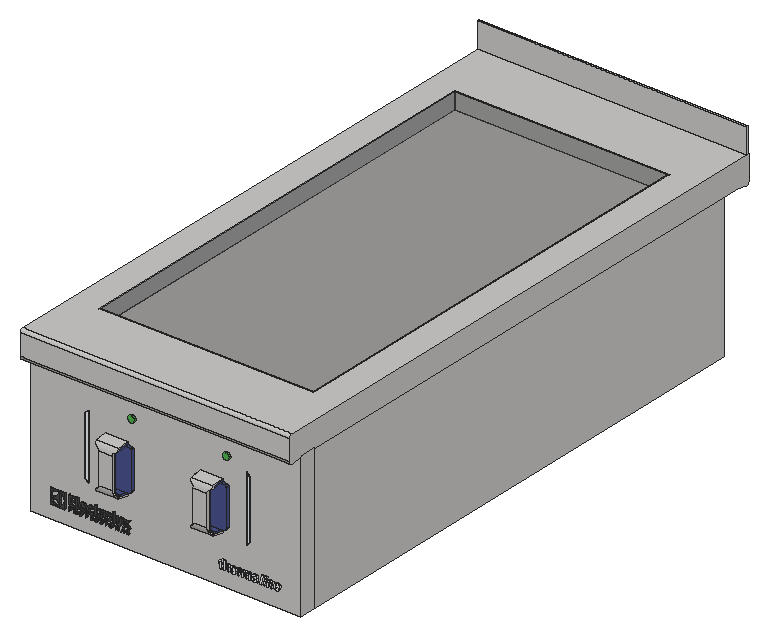
Revit family "QF_ELECTROLUXPROFESSIONAL_588508_MBIBBBDOAO", category Attrezzature speciali, Revit 2020
Family settings
  Quota connettore circolare = Usa diametro
  Tipo di parte = Normale
  Basato su piano di lavoro = No
  Sempre verticale = Sì
  Taglio con vuoti quando caricato = No
  Condiviso = No
  Punto di calcolo locali = No
Parameters (values of type "Standard")
  Weight = 24.00 kg
  Watts = 10000 W
  Volts = 400 V
  URL Manufacturer = "https://www.electroluxprofessional.com/"
  URL = "https://www.electroluxprofessional.com/"
  Steam Supply Size = 0"
  Steam Supply Minimum Pressure = 0.00 psi
  Steam Supply Maximum Pressure = 0.00 psi
  Steam Consumption per Hour = 0
  Refrigeration Suction Line Size = 0 mm
  Refrigeration Liquid Line Size = 0 mm
  Refrigerant Compressor Remote = yes
  Prospetto di default = 0 mm
  Phase = 3
  Modello = "MBIBBBDOAO"
  Produttore = "Electrolux Professional"
  Length Actual = 400 mm  # constant formula
  Item Number = "588508"
  Hot Water Size = 0"
  Height Actual = 250 mm  # constant formula
  HP = "13.4 HP"
  Gas Size = 0"
  Gas KW = 0
  Gas Input Pressure = 0.0 Btu/h
  Direct Waste Size = 0"
  Descrizione = "INDUCTION TOP,2 ZONE,1S,BSPL,400X850X250"
  Depth Actual = 850 mm  # constant formula
  Cycle = 50 Hz
  Condensate Return Size = 0"
  Compressed Air Volume = 0 GPM
  Compressed Air Size = 0"
  Compressed Air Pressure = 0.00 psi
  Cold Water Size = 0"
  Accessory = yes
Reference planes
  plane 1 "BACK": y = 0
  plane 2: z = 0
  plane 3 "LEFT": x = 0
  plane 4 "RIGHT": x = 400
  plane 5 "FRONT": y = -850
  plane 6 "TOP": z = 900
  plane 7 "Center (Left/Right)": x = 200
  plane 8: y = -425
  plane 9: y = -150
  plane 10: x = 40
  plane 11: x = 360
  plane 12: y = -95
  plane 13: y = -755
  plane 14 "EIx": x = 355
  plane 15 "EIy": y = -635
  plane 16: z = 938
  plane 17 "BaseTop": z = 650
  plane 18: y = -805
Forms (mm)
  Extrusion 1, solid, material "QF_Finishes_Stainless Steel"
    sketch origin (-178.969, -4572, 100) x (-1, 0, 0) y (0, -1, 0)
      loop
        line (-178.969, -4527) -> (-178.969, -3767) -> (-578.969, -3767) -> (-578.969, -4527) -> (-178.969, -4527)
    from 550 to 762.969
  Extrusion 2, solid, material "QF_Finishes_Stainless Steel"
    sketch origin (0, 0, 650) x (-1, 0, 0) y (0, -1, 0)
      loop
        circle (-355, 635) r 6.35
    from 0 to -11.851
  Extrusion 3, solid, material "QF_Finishes_Stainless Steel"
    sketch origin (200, 296.4, 1219.2) x (0, 1, 0) y (0, 0, 1)
      loop
        line (-296.4, -319.2) -> (-1141.4, -319.2)
        arc (-1141.4, -319.2) -> (-1144.935, -320.664) -> (-1146.4, -324.2) r 5
        line (-1146.4, -324.2) -> (-1146.4, -355.2)
        arc (-1146.4, -355.2) -> (-1144.971, -358.264) -> (-1141.705, -359.139) r 4
        line (-1141.705, -359.139) -> (-1126.4, -356.231) -> (-316.4, -356.231) -> (-301.094, -359.139)
        arc (-301.094, -359.139) -> (-297.829, -358.264) -> (-296.4, -355.2) r 4
        line (-296.4, -355.2) -> (-296.4, -319.2)
    from -200 to 200
  Extrusion 4, void
    sketch origin (0, 0, 900) x (-1, 0, 0) y (0, -1, 0)
      loop
        line (-40, 755) -> (-360, 755) -> (-360, 95) -> (-40, 95) -> (-40, 755)
    from 0 to -25
  Extrusion 5, solid, material "QF_Finishes_Stainless Steel"
    sketch origin (200, 296.4, 1219.2) x (0, 1, 0) y (0, 0, 1)
      loop
        line (-296.4, -319.2) -> (-296.4, -281.2) -> (-298.4, -281.2) -> (-298.4, -319.2) -> (-296.4, -319.2)
    from 200 to -200
  Extrusion 6, solid, material "QF_Finishes_Electrolux_Black Smoke Iluminated"
    sketch origin (0, 0, 900) x (-1, 0, 0) y (0, -1, 0)
      loop
        line (-42, 97) -> (-42, 753) -> (-358, 753) -> (-358, 97) -> (-42, 97)
    from 0 to -25
Cuts and joins
  Extrusion 4 cuts Extrusion 3
Lines and regions (mm)
  symbolic lines
    curve 1: line (0, 0, 100) -> (400, 0, 100)
    curve 2: line (0, -850, 100) -> (0, 0, 100)
    curve 3: line (400, -850, 100) -> (0, -850, 100)
    curve 4: line (400, 0, 100) -> (400, -850, 100)
    curve 5: line (40, -755, 0) -> (360, -755, 0)
    curve 6: line (360, -755, 0) -> (360, -95, 0)
    curve 7: line (360, -95, 0) -> (40, -95, 0)
    curve 8: line (40, -95, 0) -> (40, -755, 0)
    curve 9: line (0, -2, 0) -> (400, -2, 0)
  model lines
    curve 10: line (49.879, -123.089, 900) -> (71.092, -101.876, 900)
    curve 11: line (71.092, -101.876, 900) -> (328.908, -101.876, 900)
    curve 12: line (81.557, -136.465, 900) -> (62.022, -156, 900)
    curve 13: line (62.022, -156, 900) -> (62.022, -391, 900)
    curve 14: line (62.022, -391, 900) -> (81.394, -410.372, 900)
    curve 15: line (318.443, -136.465, 900) -> (337.978, -156, 900)
    curve 16: line (337.978, -156, 900) -> (337.978, -391, 900)
    curve 17: line (337.978, -391, 900) -> (318.606, -410.372, 900)
    curve 18: line (350.121, -123.089, 900) -> (328.908, -101.876, 900)
    curve 19: line (49.879, -726.911, 900) -> (71.092, -748.124, 900)
    curve 20: line (71.092, -748.124, 900) -> (328.908, -748.124, 900)
    curve 21: line (81.557, -713.535, 900) -> (62.022, -694, 900)
    curve 22: line (62.022, -694, 900) -> (62.022, -459, 900)
    curve 23: line (62.022, -459, 900) -> (81.394, -439.628, 900)
    curve 24: line (318.443, -713.535, 900) -> (337.978, -694, 900)
    curve 25: line (337.978, -694, 900) -> (337.978, -459, 900)
    curve 26: line (337.978, -459, 900) -> (318.606, -439.628, 900)
    curve 27: line (350.121, -726.911, 900) -> (328.908, -748.124, 900)
    curve 28: line (200, -245.016, 900) -> (200, -301.584, 900)
    curve 29: line (171.716, -273.3, 900) -> (228.284, -273.3, 900)
    curve 30: line (200, -548.416, 900) -> (200, -604.984, 900)
    curve 31: line (171.716, -576.7, 900) -> (228.284, -576.7, 900)
Dimensions and locks
  locked: plane 3 "LEFT" to plane 4 "RIGHT" at 400
  locked: plane 5 "FRONT" to plane 1 "BACK" at 850
  equal spacing: plane 3 "LEFT", plane 7 "Center (Left/Right)", plane 4 "RIGHT"
  equal spacing: plane 5 "FRONT", plane 8, plane 1 "BACK"
  plane 6 "TOP" to level = 900 mm  (x2)
  plane 1 "BACK" to plane 9 = 150 mm
  plane 1 "BACK" to Extrusion 2 = 635 mm
  locked: plane 14 "EIx" to plane 4 "RIGHT" at 45
  locked: plane 15 "EIy" to plane 1 "BACK" at 635
  plane 16 to plane 6 "TOP" = 38 mm
  plane 12 to plane 1 "BACK" = 95 mm
  plane 5 "FRONT" to plane 13 = 95 mm
  plane 3 "LEFT" to plane 10 = 40 mm
  plane 11 to plane 4 "RIGHT" = 40 mm
  locked: plane 6 "TOP" to plane 17 "BaseTop" at 250
  locked: plane 18 to plane 5 "FRONT" at 45
  aligned and locked: level to plane 2
  aligned and locked: cut or joined group of Extrusion 3, Extrusion 4 to plane 3 "LEFT"
  aligned and locked: cut or joined group of Extrusion 3, Extrusion 4 to plane 4 "RIGHT"
  aligned and locked: Extrusion 4 sketch curve to plane 10
  aligned and locked: plane 12 to Extrusion 4 sketch curve
  aligned and locked: plane 11 to Extrusion 4 sketch curve
  aligned and locked: Extrusion 4 sketch curve to plane 13
  aligned and locked: nested 1 to plane 18
  aligned and locked: Extrusion 1 to plane 18
  aligned and locked: Extrusion 5 to plane 3 "LEFT"
  aligned and locked: Extrusion 5 to plane 4 "RIGHT"
  aligned and locked: plane 3 "LEFT" to nested 1
Automatic sketch dimensions
  Extrusion 2 sketch curve to plane 14 "EIx" = 0 mm
  Extrusion 2 sketch curve to plane 15 "EIy" = 0 mm
  Extrusion 5 sketch curve to plane 6 "TOP" = 0 mm
  Extrusion 5 sketch curve to plane 16 = 0 mm
  Extrusion 5 sketch curve to plane 1 "BACK" = 0 mm
  Extrusion 5 sketch curve to Extrusion 5 sketch curve = 2 mm
  Extrusion 3 sketch curve to plane 5 "FRONT" = 0 mm
  Extrusion 3 sketch curve to plane 6 "TOP" = 0 mm
  Extrusion 3 sketch curve to plane 1 "BACK" = 0 mm
  Extrusion 3 sketch curve to Extrusion 3 sketch curve = 4 mm
  Extrusion 3 sketch curve to Extrusion 3 sketch curve = 0.695 mm
  Extrusion 3 sketch curve to plane 5 "FRONT" = 5 mm
  Extrusion 3 sketch curve to Extrusion 3 sketch curve = 15.305 mm
  plane 1 "BACK" to Extrusion 3 sketch curve = 20 mm
  plane 1 "BACK" to Extrusion 3 sketch curve = 4.695 mm
  plane 1 "BACK" to Extrusion 3 sketch curve = 4 mm
  Extrusion 3 sketch curve to Extrusion 3 sketch curve = 31 mm
  Extrusion 3 sketch curve to Extrusion 3 sketch curve = 36 mm
  Extrusion 3 sketch curve to Extrusion 3 sketch curve = 2.909 mm
  curve 9 to plane 3 "LEFT" = 0 mm
  curve 5 to plane 10 = 0 mm
  curve 6 to plane 11 = 0 mm
  curve 9 to plane 4 "RIGHT" = 0 mm
  plane 13 to curve 5 = 0 mm
  plane 12 to curve 7 = 0 mm
  plane 1 "BACK" to curve 9 = 2 mm
  Extrusion 1 sketch curve to plane 4 "RIGHT" = 0 mm
  Extrusion 1 sketch curve to plane 3 "LEFT" = 0 mm
  Extrusion 1 sketch curve to plane 18 = 0 mm
  plane 1 "BACK" to Extrusion 1 sketch curve = 45 mm
  plane 1 "BACK" to curve 1 = 0 mm
  curve 1 to plane 4 "RIGHT" = 0 mm
  curve 3 to plane 3 "LEFT" = 0 mm
  plane 5 "FRONT" to curve 3 = 0 mm
  plane 11 to Extrusion 6 sketch curve = 2 mm
  Extrusion 6 sketch curve to plane 10 = 2 mm
  plane 12 to Extrusion 6 sketch curve = 2 mm
  Extrusion 6 sketch curve to plane 13 = 2 mm
  curve 30 to plane 7 "Center (Left/Right)" = 0 mm
  curve 27 to plane 13 = 6.876 mm
  plane 14 "EIx" to curve 27 = 26.092 mm
  plane 12 to curve 11 = 6.876 mm
  plane 14 "EIx" to curve 11 = 26.092 mm
  plane 14 "EIx" to curve 17 = 17.022 mm
  plane 14 "EIx" to curve 24 = 17.022 mm
  curve 10 to plane 10 = 31.092 mm
  curve 19 to plane 10 = 31.092 mm
  curve 21 to plane 10 = 22.022 mm
  curve 14 to plane 10 = 22.022 mm
  curve 13 to plane 9 = 6 mm
  curve 16 to plane 9 = 6 mm
  plane 8 to curve 14 = 34 mm
  plane 8 to curve 16 = 34 mm
  curve 22 to plane 8 = 34 mm
  curve 25 to plane 8 = 34 mm
  curve 24 to curve 20 = 54.124 mm
  curve 21 to curve 19 = 54.124 mm
  plane 9 to curve 15 = 13.535 mm
  curve 15 to curve 15 = 19.535 mm
  curve 24 to curve 24 = 19.535 mm  (x2)
  curve 26 to plane 8 = 14.628 mm
  curve 25 to curve 26 = 19.372 mm
  plane 8 to curve 17 = 14.628 mm
  curve 16 to curve 17 = 19.372 mm
  plane 14 "EIx" to curve 27 = 4.879 mm
  plane 14 "EIx" to curve 18 = 4.879 mm
  curve 21 to curve 21 = 19.535 mm  (x2)
  plane 9 to curve 12 = 13.535 mm
  curve 12 to curve 12 = 19.535 mm
  curve 23 to plane 8 = 14.628 mm
  curve 23 to curve 22 = 19.372 mm
  plane 8 to curve 14 = 14.628 mm
  curve 14 to curve 13 = 19.372 mm
  curve 10 to plane 10 = 9.879 mm
  curve 19 to plane 10 = 9.879 mm
  plane 9 to curve 18 = 26.911 mm
  plane 9 to curve 10 = 26.911 mm
  curve 27 to plane 13 = 28.089 mm
  curve 19 to plane 13 = 28.089 mm
  curve 29 to plane 7 "Center (Left/Right)" = 28.284 mm
  curve 28 to plane 9 = 95.016 mm
  curve 28 to curve 29 = 28.284 mm
  curve 28 to plane 7 "Center (Left/Right)" = 0 mm
  plane 7 "Center (Left/Right)" to curve 29 = 28.284 mm
  curve 29 to curve 28 = 28.284 mm
  plane 15 "EIy" to curve 30 = 86.584 mm
  curve 31 to plane 7 "Center (Left/Right)" = 28.284 mm
  plane 7 "Center (Left/Right)" to curve 31 = 28.284 mm
  curve 30 to curve 31 = 28.284 mm
  plane 15 "EIy" to curve 30 = 30.016 mm
  radius of Extrusion 2 sketch curve = 6.35 mm
Nested families
  nested 1: "Front_Panel_W400_2 Knobs_Spie" at (52.376, -805, 0), type "Front_Panel_W400_2 Knobs_Spie"
Connectors
  electrical at (355, -635, 638.149)
    settings: on Extrusion 2, index 1, voltage 400 V, apparent load 33000 VA, apparent load phase1 0 VA, apparent load phase2 0 VA, apparent load phase3 0 VA, power factor 1, load classification "Other", number of poles 1, system type 30, power factor state 1, is connector primary yes, connector utility no, sub classification motor no, connector description "ELECTRICAL CONNECTION"
Definition of nested family "Front_Panel_W400_2 Knobs_Spie"
  Parameters
    Default Elevation = 0 mm
  Reference planes
    plane 1 "Center (Front/Back)": y = 0
    plane 2: z = 0
    plane 3 "Center (Left/Right)": x = 147.624
    plane 4 "Left": x = -52.376
    plane 5 "Right": x = 347.624
    plane 6: y = -45
    plane 7 "Panel": y = -25
  Forms (mm)
    Extrusion 1, solid
      sketch origin (833.217, 829.203, -1.25) x (0, 1, 0) y (0, 0, 1)
        loop
          line (-854.203, 651.25) -> (-829.203, 651.25) -> (-829.203, 864.25) -> (-854.203, 864.25) -> (-854.203, 651.25)
      from -885.593 to -485.593
    Extrusion 2, void
      sketch origin (0, -25, -10) x (0, 0, 1) y (-1, 0, 0)
        loop
          line (731.866, -27.624) -> (726.866, -32.624) -> (823.866, -32.624) -> (818.866, -27.624) -> (731.866, -27.624)
        loop
          line (731.866, -272.624) -> (818.866, -272.624) -> (823.866, -267.624) -> (726.866, -267.624) -> (731.866, -272.624)
      from 0 to -2
    Extrusion 3, solid
      sketch origin (110, -25, 1.163) x (0, 0, 1) y (-1, 0, 0)
        loop
          circle (824.337, 12.376) r 5
      from 0 to 1.7
    Extrusion 4, solid
      sketch origin (0, -25, -10) x (0, 0, 1) y (-1, 0, 0)
        loop
          line (731.866, -27.624) -> (726.866, -32.624) -> (823.866, -32.624) -> (818.866, -27.624) -> (731.866, -27.624)
        loop
          line (726.866, -267.624) -> (731.866, -272.624) -> (818.866, -272.624) -> (823.866, -267.624) -> (726.866, -267.624)
      from 0 to -2
    Extrusion 5, solid
      sketch origin (250.724, -25, 1.163) x (0, 0, 1) y (-1, 0, 0)
        loop
          circle (824.337, 12.376) r 5
      from 0 to 1.7
  Cuts and joins
    Extrusion 2 cuts Extrusion 1
  Dimensions and locks
    equal spacing: plane 5 "Right", plane 3 "Center (Left/Right)", plane 4 "Left"
    plane 5 "Right" to plane 4 "Left" = 400 mm
    aligned and locked: cut or joined group of Extrusion 1, Extrusion 2 to plane 4 "Left"
    aligned and locked: plane 5 "Right" to cut or joined group of Extrusion 1, Extrusion 2
  Automatic sketch dimensions
    Extrusion 1 sketch curve to plane 7 "Panel" = 0 mm
    Extrusion 1 sketch curve to plane 1 "Center (Front/Back)" = 0 mm
    Extrusion 2 sketch curve to Extrusion 2 sketch curve = 5 mm  (x6)
    Extrusion 2 sketch curve to plane 5 "Right" = 75 mm
    plane 4 "Left" to Extrusion 2 sketch curve = 85 mm
    Extrusion 3 sketch curve to plane 3 "Center (Left/Right)" = 50 mm
    Extrusion 4 sketch curve to Extrusion 4 sketch curve = 5 mm  (x6)
    Extrusion 4 sketch curve to plane 5 "Right" = 75 mm
    plane 4 "Left" to Extrusion 4 sketch curve = 85 mm
    plane 3 "Center (Left/Right)" to Extrusion 5 sketch curve = 90.724 mm
    level to Extrusion 1 sketch curve = 650 mm
    Extrusion 1 sketch curve to Extrusion 1 sketch curve = 213 mm
    level to Extrusion 2 sketch curve = 716.866 mm
    Extrusion 2 sketch curve to Extrusion 2 sketch curve = 0 mm
    Extrusion 2 sketch curve to Extrusion 2 sketch curve = 87 mm  (x2)
    level to Extrusion 3 sketch curve = 825.5 mm
    level to Extrusion 4 sketch curve = 716.866 mm
    Extrusion 4 sketch curve to Extrusion 4 sketch curve = 0 mm
    Extrusion 4 sketch curve to Extrusion 4 sketch curve = 87 mm  (x2)
    level to Extrusion 5 sketch curve = 825.5 mm
    radius of Extrusion 3 sketch curve = 5 mm
    radius of Extrusion 5 sketch curve = 5 mm
  Nested families
    nested 1: "Range Control Handle" at (77.624, -28.137, -209.113) x (-1, 0, 0) z (0, 0, 1), type "Range Control Handle"
    nested 2: "Range Control Handle" at (217.624, -28.137, -209.113), type "Range Control Handle"
    nested 3: "ELX_ThermaLine_Small" at (269.008, -25, 679.413) x (1, 0, 0) z (0, -1, 0), type "ELX_ThermaLine_Small"
      with Show Logo yes, Material_Logo none
    nested 4: "ELX_Professional_Logo_Small" at (37.088, -25, 681.646) x (1, 0, 0) z (0, -1, 0), type "ELX_Professional_Logo_Small"
      with Show Logo yes, Material_Logo none
  Definition of nested family "Range Control Handle"
    Parameters
      Default Elevation = 0 mm
    Reference planes
      plane 1 "Center (Front/Back)": y = 0
      plane 2: z = 0
      plane 3 "Center (Left/Right)": x = 0
      plane 4: z = 971.092
      plane 5: y = -16.9
    Forms (mm)
      Extrusion 1, solid
        sketch origin (-746.28, 380.497, 208.931) x (-1, 0, 0) y (0, 0, 1)
          loop
            line (-770.101, 786.798) -> (-770.101, 731.649)
            arc (-770.101, 731.649) -> (-769.759, 730.563) -> (-768.855, 729.87) r 1.893
            line (-768.855, 729.87) -> (-763.474, 727.911) -> (-729.81, 727.911) -> (-724.428, 729.87)
            arc (-724.428, 729.87) -> (-723.525, 730.563) -> (-723.183, 731.649) r 1.893
            line (-723.183, 731.649) -> (-723.183, 786.798)
            arc (-723.183, 786.798) -> (-723.529, 787.894) -> (-724.44, 788.593) r 1.91
            line (-724.44, 788.593) -> (-729.683, 790.819) -> (-763.601, 790.819) -> (-768.844, 788.593)
            arc (-768.844, 788.593) -> (-769.755, 787.894) -> (-770.101, 786.798) r 1.91
        from -382.35 to -378.852
      Sweep 2, solid
        path origin (-746.788, 380.496, 208.091) x (0, -1, 0) y (0, 0, 1)
          loop
            line (379.775, 793.281) -> (395.661, 791.048)
            arc (395.661, 791.048) -> (397.781, 787.377) -> (398.517, 783.202) r 12.207
            line (398.517, 783.202) -> (398.517, 737.368)
            arc (398.517, 737.368) -> (397.781, 733.193) -> (395.661, 729.522) r 12.207
            line (395.661, 729.522) -> (379.775, 727.289)
        profile origin (-746.788, -7.222, 1000.256) x (0, -0.139173, 0.990268) y (-1, 0, 0)
          loop
            line (0.782, -763.123) -> (0.782, -730.907) -> (-1.322, -730.907) -> (-1.322, -763.123) -> (0.782, -763.123)
      Sweep 3, solid
        path origin (-746.788, 380.715, 207.832) x (0, -1, 0) y (0, 0, 1)
          loop
            line (380.478, 795.442) -> (397.218, 793.09)
            arc (397.218, 793.09) -> (399.929, 788.473) -> (400.871, 783.202) r 15.207
            line (400.871, 783.202) -> (400.871, 737.584)
            arc (400.871, 737.584) -> (399.914, 732.274) -> (397.164, 727.633) r 15.207
            line (397.164, 727.633) -> (380.601, 725.305)
        profile origin (-746.788, -8.132, 1002.099) x (0, -0.139173, 0.990268) y (-1, 0, 0)
          loop
            line (0.782, -763.123) -> (0.782, -730.907) -> (-1.322, -730.907) -> (-1.322, -763.123) -> (0.782, -763.123)
      Extrusion 4, void
        sketch origin (889.253, 220.666, 207.993) x (1, 0, 0) y (0, 0, 1)
          loop
            line (-943.038, 816.854) -> (-943.038, 703.686) -> (-899.466, 734.196) -> (-899.466, 786.344) -> (-943.038, 816.854)
        from 230.636 to 242.25
      Extrusion 5, void
        sketch origin (-888.8, 220.666, 207.993) x (-1, 0, 0) y (0, 0, -1)
          loop
            line (-943.038, -816.854) -> (-899.466, -786.344) -> (-899.466, -734.196) -> (-943.038, -703.686) -> (-943.038, -816.854)
        from 230.636 to 242.25
      Extrusion 6, solid
        sketch origin (0, 0, 0) x (1, 0, 0) y (0, 0, 1)
          loop
            circle (0, 971.092) r 7.736
        from -3.137 to -1.645
    Cuts and joins
      Extrusion 4, Extrusion 5 cuts Sweep 3
      Extrusion 4, Extrusion 5 cuts Sweep 2
      joined: Extrusion 1, Extrusion 6
    Lines and regions (mm)
      symbolic lines
        curve 1: line (16.334, -16.9, 0) -> (16.334, -19.227, 0)
        curve 2: spline (16.334, -19.227, 0) -> (15.87, -19.385, 0) -> (15.404, -19.536, 0) -> (14.936, -19.678, 0) -> (14.466, -19.813, 0) -> (13.995, -19.94, 0) -> (13.523, -20.059, 0) -> (13.049, -20.171, 0) -> (12.575, -20.274, 0) -> (12.099, -20.37, 0) -> (11.622, -20.458, 0) -> (11.144, -20.537, 0) -> (10.666, -20.609, 0)
        curve 3: line (10.666, -16.9, 0) -> (10.666, -20.938, 0)
        curve 4: line (-10.213, -20.938, 0) -> (10.666, -20.938, 0)
        curve 5: line (-10.213, -20.938, 0) -> (-10.213, -16.9, 0)
        curve 6: spline (-10.213, -20.609, 0) -> (-10.691, -20.537, 0) -> (-11.169, -20.458, 0) -> (-11.646, -20.37, 0) -> (-12.122, -20.274, 0) -> (-12.597, -20.171, 0) -> (-13.07, -20.059, 0) -> (-13.542, -19.94, 0) -> (-14.013, -19.813, 0) -> (-14.483, -19.678, 0) -> (-14.951, -19.536, 0) -> (-15.417, -19.385, 0) -> (-15.881, -19.227, 0)
        curve 7: line (-15.881, -19.227, 0) -> (-15.881, -16.9, 0)
  Definition of nested family "ELX_ThermaLine_Small"
    Parameters
      Show Logo [instance] = yes
      Material_Logo [instance] = none
      Default Elevation = 0 mm
    Reference planes
      plane 1 "Centro (Fronte/Retro)": y = 0
      plane 2: z = 0
      plane 3 "Centro (Sinistra/Destra)": x = 0
    Forms (mm)
      Extrusion 1, solid
        sketch origin (0, 0, 0) x (1, 0, 0) y (0, 1, 0)
          loop
            line (-1219.2, 1219.2) -> (-1219.2, -1219.2) -> (1219.2, -1219.2) -> (1219.2, 1219.2) -> (-1219.2, 1219.2)
        from 0 to -304.8
      Extrusion 2, solid
        sketch origin (0, 0, 0) x (1, 0, 0) y (0, 1, 0)
          loop
            line (-37.494, 1.229) -> (-35.908, 1.229) -> (-35.908, 3.066) -> (-37.494, 3.066) -> (-37.494, 6.221) -> (-39.867, 4.881) -> (-39.867, 3.066) -> (-40.969, 3.066) -> (-40.969, 1.229) -> (-39.867, 1.229) -> (-39.867, -3.407)
            arc (-39.867, -3.407) -> (-38.982, -5.513) -> (-36.751, -6.001) r 2.478
            line (-36.751, -6.001) -> (-35.638, -5.7) -> (-35.9, -3.835) -> (-36.661, -4.039)
            arc (-36.661, -4.039) -> (-37.236, -3.924) -> (-37.494, -3.399) r 0.662
            line (-37.494, -3.399) -> (-37.494, 1.229)
          loop
            line (-34.242, 6.539) -> (-34.242, -5.848) -> (-31.854, -5.848) -> (-31.854, -0.078)
            arc (-31.854, -0.078) -> (-30.939, 1.249) -> (-29.33, 1.367) r 1.866
            arc (-29.33, 1.367) -> (-28.695, 0.768) -> (-28.461, -0.073) r 1.627
            line (-28.461, -0.073) -> (-28.461, -5.848) -> (-26.086, -5.848) -> (-26.064, -0.46)
            arc (-26.064, -0.46) -> (-26.261, 0.932) -> (-26.786, 2.237) r 5.825
            arc (-26.786, 2.237) -> (-29.381, 3.264) -> (-31.854, 1.971) r 3.353
            line (-31.854, 1.971) -> (-31.854, 6.539) -> (-34.242, 6.539)
          loop
            arc (-18.398, -0.598) -> (-18.893, 0.879) -> (-20.326, 1.487) r 1.897
            arc (-20.326, 1.487) -> (-21.461, 0.708) -> (-21.897, -0.598) r 2.164
            line (-21.897, -0.598) -> (-18.398, -0.598)
          loop
            arc (-16.021, -2.044) -> (-16.754, 1.227) -> (-19.444, 3.226) r 4.814
            arc (-19.444, 3.226) -> (-22.137, 2.788) -> (-23.943, 0.743) r 4.054
            arc (-23.943, 0.743) -> (-24.382, -1.249) -> (-24.162, -3.276) r 6.289
            arc (-24.162, -3.276) -> (-23.302, -4.71) -> (-21.958, -5.705) r 4.28
            arc (-21.958, -5.705) -> (-18.558, -5.814) -> (-16.152, -3.409) r 4.28
            line (-16.152, -3.409) -> (-18.5, -2.995)
            arc (-18.5, -2.995) -> (-19.273, -3.994) -> (-20.533, -4.076) r 1.536
            arc (-20.533, -4.076) -> (-21.56, -3.281) -> (-21.958, -2.044) r 2.197
            line (-21.958, -2.044) -> (-16.021, -2.044)
          loop
            line (-14.165, -5.848) -> (-11.819, -5.848) -> (-11.819, -2.138)
            arc (-11.819, -2.138) -> (-11.787, -1.156) -> (-11.637, -0.185) r 8.18
            arc (-11.637, -0.185) -> (-10.644, 0.972) -> (-9.132, 0.776) r 1.603
            line (-9.132, 0.776) -> (-8.419, 2.846)
            arc (-8.419, 2.846) -> (-10.432, 3.118) -> (-11.994, 1.821) r 2.527
            line (-11.994, 1.821) -> (-11.994, 3.094) -> (-14.165, 3.094) -> (-14.165, -5.848)
          loop
            line (-7.579, 3.094) -> (-7.579, -5.848) -> (-5.178, -5.848) -> (-5.178, -0.756)
            arc (-5.178, -0.756) -> (-4.727, 0.679) -> (-3.417, 1.419) r 2.05
            arc (-3.417, 1.419) -> (-2.499, 0.908) -> (-2.155, -0.085) r 1.471
            line (-2.155, -0.085) -> (-2.155, -5.848) -> (0.23, -5.848) -> (0.23, -1.001)
            arc (0.23, -1.001) -> (0.47, 0.127) -> (1.148, 1.061) r 2.775
            arc (1.148, 1.061) -> (2.225, 1.329) -> (3.05, 0.587) r 1.182
            arc (3.05, 0.587) -> (3.199, -0.019) -> (3.214, -0.642) r 2.894
            line (3.214, -0.642) -> (3.214, -5.848) -> (5.601, -5.848) -> (5.601, 0.261)
            arc (5.601, 0.261) -> (4.87, 2.263) -> (2.976, 3.241) r 2.932
            arc (2.976, 3.241) -> (1.284, 2.973) -> (-0.047, 1.896) r 3.309
            arc (-0.047, 1.896) -> (-1.116, 2.865) -> (-2.506, 3.258) r 3.16
            arc (-2.506, 3.258) -> (-4.105, 2.942) -> (-5.376, 1.92) r 3.419
            line (-5.376, 1.92) -> (-5.376, 3.094) -> (-7.579, 3.094)
          loop
            line (7.583, 0.738) -> (9.702, 0.364)
            arc (9.702, 0.364) -> (11.441, 1.492) -> (12.855, -0.023) r 1.613
            line (12.855, -0.023) -> (9.782, -0.789)
            arc (9.782, -0.789) -> (8.559, -1.346) -> (7.617, -2.305) r 3.687
            arc (7.617, -2.305) -> (7.499, -3.681) -> (7.901, -5.003) r 3.651
            arc (7.901, -5.003) -> (9.107, -5.766) -> (10.515, -6.006) r 3.635
            arc (10.515, -6.006) -> (11.898, -5.697) -> (13.067, -4.895) r 3.734
            line (13.067, -4.895) -> (13.376, -5.848) -> (15.75, -5.848) -> (15.212, -4.193) -> (15.212, 0.38)
            arc (15.212, 0.38) -> (14.897, 1.849) -> (13.818, 2.895) r 2.585
            arc (13.818, 2.895) -> (11.792, 3.442) -> (9.719, 3.11) r 5.005
            arc (9.719, 3.11) -> (8.369, 2.178) -> (7.583, 0.738) r 3.54
          loop
            line (19.723, -5.848) -> (22.233, -5.848) -> (24.854, 6.484) -> (22.345, 6.484) -> (19.723, -5.848)
          loop
            line (24.583, -5.848) -> (26.953, -5.848) -> (28.848, 3.066) -> (26.478, 3.066) -> (24.583, -5.848)
          loop
            line (27.204, 6.484) -> (26.741, 4.305) -> (29.111, 4.305) -> (29.575, 6.484) -> (27.204, 6.484)
          loop
            line (29.355, -5.848) -> (31.849, -5.848) -> (33.098, 0.028)
            arc (33.098, 0.028) -> (34.169, 1.306) -> (35.832, 1.422) r 2.132
            arc (35.832, 1.422) -> (36.324, 0.752) -> (36.383, -0.078) r 1.5
            line (36.383, -0.078) -> (35.157, -5.848) -> (37.536, -5.848) -> (38.936, 0.738)
            arc (38.936, 0.738) -> (38.775, 2.091) -> (37.825, 3.066) r 2.118
            arc (37.825, 3.066) -> (35.392, 3.175) -> (33.295, 1.937) r 4.271
            line (33.295, 1.937) -> (33.535, 3.066) -> (31.25, 3.066) -> (29.355, -5.848)
          loop
            line (42.792, -0.64) -> (46.589, -0.64)
            arc (46.589, -0.64) -> (46.639, 0.124) -> (46.327, 0.823) r 1.589
            arc (46.327, 0.823) -> (45.117, 1.521) -> (43.762, 1.183) r 1.865
            arc (43.762, 1.183) -> (43.141, 0.344) -> (42.792, -0.64) r 3.538
          loop
            line (42.565, -2.138) -> (48.593, -2.138)
            arc (48.593, -2.138) -> (48.58, 0.597) -> (46.983, 2.818) r 4.494
            arc (46.983, 2.818) -> (44.191, 3.28) -> (41.725, 1.891) r 4.26
            arc (41.725, 1.891) -> (40.503, -0.3) -> (40.284, -2.799) r 6.003
            arc (40.284, -2.799) -> (40.959, -4.468) -> (42.377, -5.576) r 3.482
            arc (42.377, -5.576) -> (44.265, -5.961) -> (46.152, -5.576) r 4.823
            arc (46.152, -5.576) -> (47.432, -4.731) -> (48.328, -3.485) r 4.245
            line (48.328, -3.485) -> (46.168, -3.105)
            arc (46.168, -3.105) -> (45.214, -4.072) -> (43.859, -4.181) r 1.953
            arc (43.859, -4.181) -> (42.821, -3.408) -> (42.565, -2.138) r 1.81
          loop
            line (12.868, -1.553) -> (10.216, -2.214)
            arc (10.216, -2.214) -> (9.747, -3.136) -> (10.216, -4.058) r 1.14
            arc (10.216, -4.058) -> (11.537, -4.249) -> (12.614, -3.46) r 1.763
            arc (12.614, -3.46) -> (12.858, -2.522) -> (12.868, -1.553) r 3.97
        from 0 to 1.6
    Dimensions and locks
      aligned and locked: plane 2 to Extrusion 1
      aligned and locked: level to Extrusion 1
  Definition of nested family "ELX_Professional_Logo_Small"
    Parameters
      Show Logo [instance] = yes
      Material_Logo [instance] = none
      Default Elevation = 0 mm
    Reference planes
      plane 1 "Centro (Fronte/Retro)": y = 0
      plane 2: z = 0
      plane 3 "Centro (Sinistra/Destra)": x = 0
    Forms (mm)
      Extrusion 1, solid
        sketch origin (0, 0, 0) x (1, 0, 0) y (0, 1, 0)
          loop
            line (-1219.2, 1219.2) -> (-1219.2, -1219.2) -> (1219.2, -1219.2) -> (1219.2, 1219.2) -> (-1219.2, 1219.2)
        from 0 to -304.8
      Extrusion 2, solid, material <- "Material_Logo"
        sketch origin (15.5, 0, 0) x (1, 0, 0) y (0, 1, 0)
          loop
            spline (-42.99, -1.24) -> (-43.195, -1.231) -> (-43.415, -1.203) -> (-43.642, -1.152) -> (-43.87, -1.074) -> (-44.095, -0.966) -> (-44.309, -0.825) -> (-44.506, -0.647) -> (-44.681, -0.429) -> (-44.828, -0.167) -> (-44.94, 0.142) -> (-45.011, 0.501) -> (-45.037, 0.915)
            line (-45.037, 0.915) -> (-45.037, 2.748) -> (-38.984, 2.748) -> (-38.984, 5.086) -> (-45.038, 5.086) -> (-45.038, 8.489) -> (-38.599, 8.489) -> (-38.599, 10.82) -> (-47.515, 10.82) -> (-47.515, 1.021)
            spline (-47.515, 1.021) -> (-47.493, 0.418) -> (-47.425, -0.15) -> (-47.311, -0.682) -> (-47.15, -1.175) -> (-46.939, -1.628) -> (-46.678, -2.038) -> (-46.365, -2.404) -> (-46, -2.723) -> (-45.58, -2.995) -> (-45.105, -3.216) -> (-44.573, -3.385) -> (-43.983, -3.499)
            line (-43.983, -3.499) -> (-43.01, -3.569) -> (-38.426, -3.569) -> (-38.426, -1.24) -> (-42.99, -1.24)
          loop
            line (-36.666, 4.021) -> (-36.666, -3.573) -> (-34.188, -3.573) -> (-34.188, 10.824) -> (-36.666, 10.824) -> (-36.666, 4.021)
          loop
            spline (-21.915, 1.897) -> (-21.957, 2.615) -> (-22.082, 3.303) -> (-22.285, 3.955) -> (-22.563, 4.564) -> (-22.913, 5.124) -> (-23.331, 5.629) -> (-23.814, 6.074) -> (-24.359, 6.451) -> (-24.961, 6.755) -> (-25.618, 6.98) -> (-26.326, 7.119) -> (-27.081, 7.167)
            spline (-27.081, 7.167) -> (-27.853, 7.122) -> (-28.586, 6.99) -> (-29.275, 6.774) -> (-29.915, 6.478) -> (-30.5, 6.104) -> (-31.024, 5.657) -> (-31.483, 5.138) -> (-31.871, 4.553) -> (-32.182, 3.904) -> (-32.411, 3.194) -> (-32.552, 2.427) -> (-32.6, 1.606)
            spline (-32.6, 1.606) -> (-32.553, 0.805) -> (-32.416, 0.057) -> (-32.193, -0.637) -> (-31.887, -1.271) -> (-31.504, -1.843) -> (-31.048, -2.35) -> (-30.523, -2.788) -> (-29.934, -3.154) -> (-29.284, -3.444) -> (-28.579, -3.656) -> (-27.822, -3.785) -> (-27.019, -3.829)
            spline (-27.019, -3.829) -> (-26.627, -3.82) -> (-26.239, -3.79) -> (-25.856, -3.739) -> (-25.477, -3.663) -> (-25.103, -3.562) -> (-24.734, -3.432) -> (-24.369, -3.273) -> (-24.01, -3.082) -> (-23.655, -2.858) -> (-23.305, -2.597) -> (-22.96, -2.299) -> (-22.621, -1.962)
            line (-22.621, -1.962) -> (-24.114, -0.509)
            spline (-24.114, -0.509) -> (-24.311, -0.699) -> (-24.509, -0.872) -> (-24.71, -1.03) -> (-24.915, -1.172) -> (-25.126, -1.297) -> (-25.346, -1.407) -> (-25.576, -1.5) -> (-25.817, -1.576) -> (-26.072, -1.636) -> (-26.342, -1.678) -> (-26.629, -1.704) -> (-26.936, -1.713)
            spline (-26.936, -1.713) -> (-27.384, -1.691) -> (-27.805, -1.625) -> (-28.196, -1.518) -> (-28.556, -1.372) -> (-28.882, -1.187) -> (-29.174, -0.966) -> (-29.429, -0.71) -> (-29.645, -0.422) -> (-29.821, -0.102) -> (-29.955, 0.247) -> (-30.045, 0.623) -> (-30.089, 1.026)
            line (-30.089, 1.026) -> (-21.956, 1.026) -> (-21.915, 1.897)
          loop
            spline (-24.446, 2.769) -> (-24.47, 3.075) -> (-24.54, 3.37) -> (-24.654, 3.65) -> (-24.807, 3.913) -> (-24.996, 4.156) -> (-25.219, 4.376) -> (-25.472, 4.57) -> (-25.753, 4.736) -> (-26.057, 4.869) -> (-26.382, 4.968) -> (-26.724, 5.03) -> (-27.081, 5.051)
            spline (-27.081, 5.051) -> (-27.464, 5.03) -> (-27.832, 4.97) -> (-28.183, 4.872) -> (-28.513, 4.74) -> (-28.819, 4.577) -> (-29.099, 4.384) -> (-29.347, 4.165) -> (-29.563, 3.923) -> (-29.742, 3.659) -> (-29.881, 3.377) -> (-29.977, 3.079) -> (-30.027, 2.769)
            line (-30.027, 2.769) -> (-24.446, 2.769)
          loop
            spline (-18.167, 1.669) -> (-18.138, 2.13) -> (-18.055, 2.567) -> (-17.921, 2.978) -> (-17.739, 3.358) -> (-17.512, 3.705) -> (-17.243, 4.016) -> (-16.937, 4.287) -> (-16.596, 4.517) -> (-16.223, 4.7) -> (-15.823, 4.835) -> (-15.398, 4.919) -> (-14.951, 4.947)
            spline (-14.951, 4.947) -> (-14.677, 4.938) -> (-14.414, 4.913) -> (-14.162, 4.871) -> (-13.921, 4.812) -> (-13.69, 4.738) -> (-13.467, 4.649) -> (-13.254, 4.544) -> (-13.048, 4.424) -> (-12.85, 4.291) -> (-12.659, 4.143) -> (-12.474, 3.981) -> (-12.295, 3.806)
            line (-12.295, 3.806) -> (-10.76, 5.403)
            spline (-10.76, 5.403) -> (-11.065, 5.709) -> (-11.38, 5.984) -> (-11.703, 6.228) -> (-12.035, 6.443) -> (-12.375, 6.63) -> (-12.723, 6.788) -> (-13.078, 6.92) -> (-13.44, 7.026) -> (-13.809, 7.107) -> (-14.184, 7.164) -> (-14.564, 7.198) -> (-14.951, 7.209)
            spline (-14.951, 7.209) -> (-15.725, 7.161) -> (-16.467, 7.02) -> (-17.169, 6.792) -> (-17.826, 6.482) -> (-18.43, 6.096) -> (-18.976, 5.637) -> (-19.455, 5.112) -> (-19.862, 4.525) -> (-20.19, 3.882) -> (-20.433, 3.189) -> (-20.584, 2.449) -> (-20.635, 1.669)
            spline (-20.635, 1.669) -> (-20.584, 0.889) -> (-20.433, 0.149) -> (-20.19, -0.545) -> (-19.862, -1.187) -> (-19.455, -1.774) -> (-18.976, -2.299) -> (-18.43, -2.758) -> (-17.826, -3.145) -> (-17.169, -3.454) -> (-16.467, -3.682) -> (-15.725, -3.823) -> (-14.951, -3.871)
            spline (-14.951, -3.871) -> (-14.564, -3.86) -> (-14.184, -3.826) -> (-13.809, -3.77) -> (-13.44, -3.689) -> (-13.078, -3.583) -> (-12.723, -3.451) -> (-12.375, -3.292) -> (-12.035, -3.105) -> (-11.703, -2.89) -> (-11.38, -2.646) -> (-11.065, -2.371) -> (-10.76, -2.066)
            line (-10.76, -2.066) -> (-12.295, -0.468)
            spline (-12.295, -0.468) -> (-12.474, -0.643) -> (-12.659, -0.805) -> (-12.85, -0.953) -> (-13.048, -1.087) -> (-13.254, -1.206) -> (-13.467, -1.311) -> (-13.69, -1.4) -> (-13.921, -1.475) -> (-14.162, -1.533) -> (-14.414, -1.575) -> (-14.677, -1.6) -> (-14.951, -1.609)
            spline (-14.951, -1.609) -> (-15.398, -1.581) -> (-15.823, -1.497) -> (-16.223, -1.362) -> (-16.596, -1.179) -> (-16.937, -0.95) -> (-17.243, -0.678) -> (-17.512, -0.367) -> (-17.739, -0.02) -> (-17.921, 0.36) -> (-18.055, 0.771) -> (-18.138, 1.208) -> (-18.167, 1.669)
          loop
            spline (-4.441, -1.243) -> (-4.659, -1.247) -> (-4.894, -1.23) -> (-5.137, -1.19) -> (-5.384, -1.121) -> (-5.628, -1.021) -> (-5.864, -0.884) -> (-6.084, -0.708) -> (-6.283, -0.488) -> (-6.454, -0.219) -> (-6.592, 0.101) -> (-6.69, 0.478) -> (-6.742, 0.914)
            line (-6.742, 0.914) -> (-6.742, 4.587) -> (-4.487, 4.587) -> (-4.487, 6.838) -> (-6.738, 6.838) -> (-6.738, 10.824) -> (-9.217, 10.824) -> (-9.217, 0.773)
            spline (-9.217, 0.773) -> (-9.164, 0.19) -> (-9.068, -0.358) -> (-8.928, -0.87) -> (-8.742, -1.343) -> (-8.511, -1.777) -> (-8.232, -2.168) -> (-7.904, -2.515) -> (-7.527, -2.816) -> (-7.098, -3.069) -> (-6.618, -3.273) -> (-6.084, -3.426) -> (-5.496, -3.525)
            line (-5.496, -3.525) -> (-4.45, -3.573) -> (-4.441, -1.243)
          loop
            spline (3.898, 6.983) -> (3.469, 7.009) -> (3.056, 7.001) -> (2.661, 6.961) -> (2.283, 6.888) -> (1.925, 6.785) -> (1.588, 6.652) -> (1.272, 6.49) -> (0.979, 6.301) -> (0.71, 6.085) -> (0.465, 5.844) -> (0.247, 5.578) -> (0.056, 5.289)
            line (0.056, 5.289) -> (0.056, 6.838) -> (-2.402, 6.838) -> (-2.402, -3.572) -> (0.056, -3.572) -> (0.056, 1.901)
            spline (0.056, 1.901) -> (0.079, 2.316) -> (0.145, 2.703) -> (0.254, 3.06) -> (0.404, 3.386) -> (0.592, 3.679) -> (0.818, 3.938) -> (1.08, 4.162) -> (1.375, 4.348) -> (1.703, 4.495) -> (2.062, 4.602) -> (2.45, 4.668) -> (2.865, 4.69)
            line (2.865, 4.69) -> (3.898, 4.586) -> (3.898, 6.983)
          loop
            spline (15.638, 1.633) -> (15.586, 2.396) -> (15.435, 3.124) -> (15.192, 3.81) -> (14.863, 4.449) -> (14.455, 5.034) -> (13.975, 5.56) -> (13.43, 6.021) -> (12.826, 6.411) -> (12.17, 6.724) -> (11.469, 6.955) -> (10.729, 7.098) -> (9.958, 7.147)
            spline (9.958, 7.147) -> (9.182, 7.098) -> (8.44, 6.955) -> (7.737, 6.724) -> (7.081, 6.411) -> (6.477, 6.021) -> (5.933, 5.56) -> (5.454, 5.034) -> (5.048, 4.449) -> (4.721, 3.81) -> (4.479, 3.124) -> (4.329, 2.396) -> (4.277, 1.633)
            spline (4.277, 1.633) -> (4.329, 0.869) -> (4.479, 0.141) -> (4.721, -0.544) -> (5.048, -1.183) -> (5.454, -1.768) -> (5.933, -2.294) -> (6.477, -2.755) -> (7.081, -3.145) -> (7.737, -3.459) -> (8.44, -3.69) -> (9.182, -3.833) -> (9.958, -3.882)
            spline (9.958, -3.882) -> (10.729, -3.833) -> (11.469, -3.69) -> (12.17, -3.459) -> (12.826, -3.145) -> (13.43, -2.755) -> (13.975, -2.294) -> (14.455, -1.768) -> (14.863, -1.183) -> (15.192, -0.544) -> (15.435, 0.141) -> (15.586, 0.869) -> (15.638, 1.633)
          loop
            spline (13.18, 1.633) -> (13.151, 2.083) -> (13.067, 2.513) -> (12.932, 2.918) -> (12.748, 3.296) -> (12.52, 3.642) -> (12.251, 3.954) -> (11.943, 4.227) -> (11.601, 4.459) -> (11.228, 4.645) -> (10.828, 4.782) -> (10.403, 4.867) -> (9.958, 4.896)
            spline (9.958, 4.896) -> (9.509, 4.867) -> (9.081, 4.782) -> (8.679, 4.645) -> (8.306, 4.459) -> (7.964, 4.227) -> (7.658, 3.954) -> (7.39, 3.642) -> (7.163, 3.296) -> (6.981, 2.918) -> (6.847, 2.513) -> (6.765, 2.083) -> (6.736, 1.633)
            spline (6.736, 1.633) -> (6.765, 1.182) -> (6.847, 0.753) -> (6.981, 0.347) -> (7.163, -0.031) -> (7.39, -0.377) -> (7.658, -0.689) -> (7.964, -0.962) -> (8.306, -1.193) -> (8.679, -1.38) -> (9.081, -1.517) -> (9.509, -1.602) -> (9.958, -1.631)
            spline (9.958, -1.631) -> (10.403, -1.602) -> (10.828, -1.517) -> (11.228, -1.38) -> (11.601, -1.193) -> (11.943, -0.962) -> (12.251, -0.689) -> (12.52, -0.377) -> (12.748, -0.031) -> (12.932, 0.347) -> (13.067, 0.753) -> (13.151, 1.182) -> (13.18, 1.633)
          loop
            line (17.162, 4.269) -> (17.162, -3.573) -> (19.642, -3.573) -> (19.642, 10.824) -> (17.162, 10.824) -> (17.162, 4.269)
          loop
            line (28.581, 6.838) -> (28.581, 0.786)
            spline (28.581, 0.786) -> (28.561, 0.393) -> (28.503, 0.038) -> (28.409, -0.279) -> (28.281, -0.559) -> (28.122, -0.802) -> (27.933, -1.011) -> (27.717, -1.185) -> (27.476, -1.325) -> (27.213, -1.433) -> (26.929, -1.509) -> (26.626, -1.554) -> (26.308, -1.569)
            spline (26.308, -1.569) -> (25.99, -1.554) -> (25.688, -1.509) -> (25.404, -1.434) -> (25.141, -1.326) -> (24.9, -1.187) -> (24.684, -1.014) -> (24.496, -0.807) -> (24.336, -0.565) -> (24.209, -0.288) -> (24.115, 0.026) -> (24.057, 0.376) -> (24.037, 0.765)
            line (24.037, 0.765) -> (24.037, 6.838) -> (21.537, 6.838) -> (21.537, 0.558)
            spline (21.537, 0.558) -> (21.581, -0.153) -> (21.71, -0.8) -> (21.916, -1.384) -> (22.195, -1.904) -> (22.54, -2.362) -> (22.944, -2.757) -> (23.403, -3.09) -> (23.909, -3.362) -> (24.456, -3.572) -> (25.04, -3.722) -> (25.652, -3.811) -> (26.288, -3.841)
            spline (26.288, -3.841) -> (26.929, -3.811) -> (27.547, -3.72) -> (28.135, -3.568) -> (28.687, -3.355) -> (29.197, -3.079) -> (29.66, -2.741) -> (30.068, -2.341) -> (30.415, -1.877) -> (30.696, -1.349) -> (30.905, -0.757) -> (31.034, -0.101) -> (31.079, 0.621)
            line (31.079, 0.621) -> (31.079, 6.838) -> (28.581, 6.838)
          loop
            line (40.457, -0.243) -> (38.894, 1.942) -> (40.83, 4.579) -> (42.488, 6.837) -> (39.782, 6.837) -> (37.53, 3.719) -> (35.258, 6.837) -> (32.573, 6.837) -> (34.113, 4.731) -> (36.167, 1.922) -> (34.014, -1.076) -> (32.222, -3.573) -> (34.887, -3.573) -> (37.53, 0.104) -> (40.174, -3.573) -> (42.839, -3.573) -> (40.457, -0.243)
          loop
            line (-46.121, -5.837) -> (-48.039, -5.837) -> (-48.039, -10.814) -> (-47.016, -10.814) -> (-47.016, -9.128) -> (-46.121, -9.128)
            arc (-46.121, -9.128) -> (-44.476, -7.482) -> (-46.121, -5.837) r 1.645
          loop
            line (-46.163, -6.778) -> (-47.016, -6.778) -> (-47.016, -8.187) -> (-46.163, -8.187)
            arc (-46.163, -8.187) -> (-45.458, -7.482) -> (-46.163, -6.778) r 0.704
          loop
            line (-38.313, -5.837) -> (-40.265, -5.837) -> (-40.265, -10.814) -> (-39.241, -10.814) -> (-39.241, -9.1) -> (-38.46, -9.182) -> (-37.48, -10.814) -> (-36.318, -10.814) -> (-37.513, -8.848)
            arc (-37.513, -8.848) -> (-36.888, -8.266) -> (-36.671, -7.441) r 1.536
            arc (-36.671, -7.441) -> (-37.165, -6.305) -> (-38.313, -5.837) r 1.643
          loop
            arc (-38.402, -8.166) -> (-37.707, -7.505) -> (-38.334, -6.778) r 0.696
            line (-38.334, -6.778) -> (-39.241, -6.778) -> (-39.241, -8.166) -> (-38.402, -8.166)
          loop
            circle (-29.965, -8.325) r 2.585
          loop
            circle (-29.965, -8.325) r 1.64
          loop
            line (-23.1, -5.837) -> (-23.1, -10.814) -> (-22.076, -10.814) -> (-22.076, -8.768) -> (-20.204, -8.768) -> (-20.204, -7.828) -> (-22.076, -7.828) -> (-22.076, -6.778) -> (-20.024, -6.778) -> (-20.024, -5.837) -> (-23.1, -5.837)
          loop
            line (-15.802, -5.837) -> (-15.802, -9.2)
            arc (-15.802, -9.2) -> (-15.343, -10.34) -> (-14.209, -10.814) r 1.593
            line (-14.209, -10.814) -> (-12.602, -10.814) -> (-12.602, -10.027) -> (-14.004, -10.027)
            arc (-14.004, -10.027) -> (-14.552, -9.8) -> (-14.779, -9.252) r 0.775
            line (-14.779, -9.252) -> (-14.779, -8.424) -> (-12.789, -8.424) -> (-12.789, -7.642) -> (-14.779, -7.642) -> (-14.779, -6.778) -> (-12.651, -6.778) -> (-12.651, -5.837) -> (-15.802, -5.837)
          loop
            line (-5.909, -7.143) -> (-5.173, -6.638)
            arc (-5.173, -6.638) -> (-5.855, -5.974) -> (-6.781, -5.755) r 1.782
            arc (-6.781, -5.755) -> (-7.397, -5.878) -> (-7.944, -6.189) r 1.974
            arc (-7.944, -6.189) -> (-8.202, -6.5) -> (-8.317, -6.888) r 1.013
            arc (-8.317, -6.888) -> (-8.306, -7.341) -> (-8.192, -7.78) r 1.985
            arc (-8.192, -7.78) -> (-7.749, -8.259) -> (-7.171, -8.563) r 1.928
            arc (-7.171, -8.563) -> (-6.637, -8.779) -> (-6.131, -9.056) r 5.041
            arc (-6.131, -9.056) -> (-5.934, -9.387) -> (-6.09, -9.74) r 0.42
            arc (-6.09, -9.74) -> (-6.631, -9.96) -> (-7.204, -9.845) r 1.016
            arc (-7.204, -9.845) -> (-7.625, -9.603) -> (-7.889, -9.196) r 1.033
            line (-7.889, -9.196) -> (-8.67, -9.686)
            arc (-8.67, -9.686) -> (-8.361, -10.198) -> (-7.908, -10.589) r 1.914
            arc (-7.908, -10.589) -> (-7.334, -10.834) -> (-6.714, -10.896) r 2.063
            arc (-6.714, -10.896) -> (-5.947, -10.743) -> (-5.256, -10.376) r 2.696
            arc (-5.256, -10.376) -> (-4.95, -9.565) -> (-5.108, -8.712) r 1.618
            arc (-5.108, -8.712) -> (-5.448, -8.319) -> (-5.884, -8.035) r 1.876
            arc (-5.884, -8.035) -> (-6.434, -7.789) -> (-6.999, -7.577) r 9.883
            arc (-6.999, -7.577) -> (-7.325, -7.07) -> (-6.854, -6.694) r 0.45
            arc (-6.854, -6.694) -> (-6.329, -6.809) -> (-5.909, -7.143) r 1.197
          loop
            line (1.61, -7.143) -> (2.345, -6.638)
            arc (2.345, -6.638) -> (1.663, -5.974) -> (0.737, -5.755) r 1.782
            arc (0.737, -5.755) -> (0.121, -5.878) -> (-0.425, -6.189) r 1.974
            arc (-0.425, -6.189) -> (-0.683, -6.5) -> (-0.799, -6.888) r 1.013
            arc (-0.799, -6.888) -> (-0.788, -7.341) -> (-0.674, -7.78) r 1.985
            arc (-0.674, -7.78) -> (-0.231, -8.259) -> (0.347, -8.563) r 1.928
            arc (0.347, -8.563) -> (0.881, -8.779) -> (1.387, -9.056) r 5.041
            arc (1.387, -9.056) -> (1.584, -9.387) -> (1.428, -9.74) r 0.42
            arc (1.428, -9.74) -> (0.887, -9.96) -> (0.314, -9.845) r 1.016
            arc (0.314, -9.845) -> (-0.107, -9.603) -> (-0.371, -9.196) r 1.033
            line (-0.371, -9.196) -> (-1.152, -9.686)
            arc (-1.152, -9.686) -> (-0.842, -10.198) -> (-0.39, -10.589) r 1.914
            arc (-0.39, -10.589) -> (0.184, -10.834) -> (0.804, -10.896) r 2.063
            arc (0.804, -10.896) -> (1.572, -10.743) -> (2.263, -10.376) r 2.696
            arc (2.263, -10.376) -> (2.568, -9.565) -> (2.411, -8.712) r 1.618
            arc (2.411, -8.712) -> (2.07, -8.319) -> (1.635, -8.035) r 1.876
            arc (1.635, -8.035) -> (1.084, -7.789) -> (0.519, -7.577) r 9.883
            arc (0.519, -7.577) -> (0.193, -7.07) -> (0.665, -6.694) r 0.45
            arc (0.665, -6.694) -> (1.189, -6.809) -> (1.61, -7.143) r 1.197
          loop
            line (6.801, -5.837) -> (6.801, -10.814) -> (7.825, -10.814) -> (7.825, -5.837) -> (6.801, -5.837)
          loop
            circle (14.724, -8.325) r 1.548
          loop
            circle (14.724, -8.325) r 2.585
          loop
            line (21.59, -10.814) -> (22.623, -10.814) -> (22.623, -7.685) -> (24.9, -10.814) -> (25.895, -10.814) -> (25.895, -5.837) -> (24.861, -5.837) -> (24.861, -9.061) -> (22.585, -5.837) -> (21.59, -5.837) -> (21.59, -10.814)
          loop
            line (31.054, -10.814) -> (31.539, -9.74) -> (33.38, -9.74) -> (33.865, -10.814) -> (34.965, -10.814) -> (32.46, -5.837) -> (29.956, -10.814) -> (31.054, -10.814)
          loop
            line (32.46, -7.698) -> (31.999, -8.719) -> (32.921, -8.719) -> (32.46, -7.698)
          loop
            line (40.047, -9.873) -> (40.047, -5.837) -> (39.024, -5.837) -> (39.024, -10.814) -> (41.961, -10.814) -> (41.961, -9.873) -> (40.047, -9.873)
          loop
            line (-74.986, -10.814) -> (-53.322, -10.814) -> (-53.322, 10.82) -> (-74.986, 10.82) -> (-74.986, -10.814)
          loop
            line (-61.261, 9.758) -> (-61.261, -9.707)
            arc (-61.261, -9.707) -> (-54.066, 0.025) -> (-61.261, 9.758) r 10.18
          loop
            line (-62.251, 8.349) -> (-62.251, 9.758)
            arc (-62.251, 9.758) -> (-70.347, 7.918) -> (-74.247, 0.59) r 9.976
            line (-74.247, 0.59) -> (-71.026, 0.59)
            arc (-71.026, 0.59) -> (-65.274, 2.925) -> (-62.251, 8.349) r 9.351
          loop
            arc (-74.247, -0.539) -> (-70.353, -7.928) -> (-62.251, -9.957) r 10.237
            line (-62.251, -9.957) -> (-62.251, -8.298)
            arc (-62.251, -8.298) -> (-65.274, -2.874) -> (-71.026, -0.539) r 9.351
            line (-71.026, -0.539) -> (-74.247, -0.539)
        from 0 to 1.644
    Dimensions and locks
      aligned and locked: plane 2 to Extrusion 1
      aligned and locked: level to Extrusion 1
